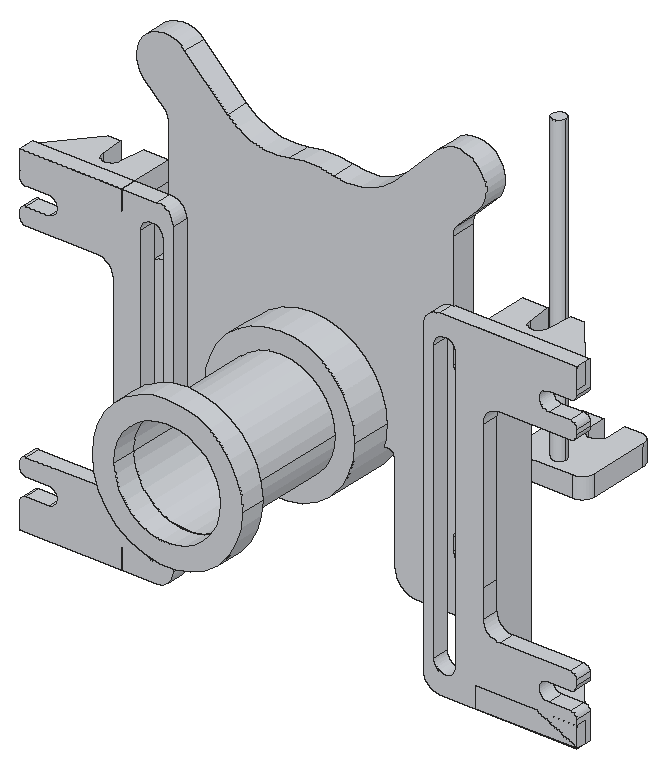
Revit family "Zurn Carrier - Z1201-NL4", category Plumbing Fixtures, host Face, Revit 2017
Family settings
  Host = Face
  Round Connector Dimension = Use Diameter
  Part Type = Normal
  Cut with Voids When Loaded = No
  Shared = No
  Room Calculation Point = No
Parameters
  Default Elevation = 4' - 0"
  A [instance] = 0' - 4"
Reference planes (in)
  plane 1 "Center (Front/Back)": y = 0
  plane 2: z = 0
  plane 3 "Center (Left/Right)": x = 0
  plane 4: through (9.05767, -180, 4.20355) normal (-0.0156, 0, -0.9999)
  plane 5: through (9.08801, -180, 0.20259) normal (-0.0156, 0, -0.9999)
Dimensions and locks (in)
  "A": plane 5 to plane 4
  "A": import instance to plane 5
  aligned and locked: plane 2 to host face
  aligned and locked: level to host face
Automatic sketch dimensions
  host sketch curve to host sketch curve = 8' - 0"  (x2)
Nested families (in)
  nested 1: "Inlet" at (0, 0, 0), type "Inlet"
  nested 2: "Legs" at (0, 0, 0), type "Legs"
Connectors (in)
  piping at (9.15921, 5.75, 4.20196), diameter 4
    settings: on import instance, index 1, connector inside diameter 24", connector length 0' - 0", flow factor 0, pipe flow 0 GPM, pressure drop 0.00 psi, fitting loss kfactor 0, connector angle 0.00°, fixture units 0, engagement length 0' - 0", angle of deflection 0.00°, flow configuration 0, flow direction 2, fitting loss method 0, system type 16, joint type 0, gender type 0, connector reference index -1, connector utility 0, adjustable connector no, is connector primary yes, connector description ""
  piping at (2.4462, 5.75, 8.30685), diameter 2
    settings: on import instance, index 2, connector inside diameter 24", connector length 0' - 0", flow factor 0, pipe flow 0 GPM, pressure drop 0.00 psi, fitting loss kfactor 0, connector angle 0.00°, fixture units 0, engagement length 0' - 0", angle of deflection 0.00°, flow configuration 0, flow direction 2, fitting loss method 0, system type 17, joint type 0, gender type 0, connector reference index -1, connector utility 0, adjustable connector no, is connector primary no, connector description ""
  piping at (-3.0253, 5.75, 4.39234), diameter 4
    settings: on import instance, index 3, connector inside diameter 24", connector length 0' - 0", flow factor 0, pipe flow 0 GPM, pressure drop 0.00 psi, fitting loss kfactor 0, connector angle 0.00°, fixture units 0, engagement length 0' - 0", angle of deflection 0.00°, flow configuration 0, flow direction 1, fitting loss method 0, system type 16, joint type 0, gender type 0, connector reference index -1, connector utility 0, adjustable connector no, is connector primary no, connector description ""
Definition of nested family "Inlet"
  Parameters (values of type "Inlet")
    Default Elevation = 4' - 0"
  Reference planes (in)
    plane 1 "Center (Front/Back)": y = 0
    plane 2: z = 0
    plane 3 "Center (Left/Right)": x = 0
  Forms (in)
    Extrusion 1, solid
      sketch origin (0, 0, 0) x (1, 0, 0) y (0, 1, 0)
        loop
          line (-48, 48) -> (-48, -48) -> (48, -48) -> (48, 48) -> (-48, 48)
      from 0 to -12
    Extrusion 2, solid
      sketch origin (0, 0, 0) x (1, 0, 0) y (0, 0, 1)
        loop
          line (-2.58153, 13.31897) -> (-3.88128, 14.61872)
          arc (-3.88128, 14.61872) -> (-5.11872, 14.61872) -> (-5.11872, 13.38128) r 0.875
          line (-5.11872, 13.38128) -> (-4.52145, 12.78401)
          arc (-4.52145, 12.78401) -> (-4.41306, 12.6218) -> (-4.375, 12.43046) r 0.5
          line (-4.375, 12.43046) -> (-4.375, 8.86603)
          arc (-4.375, 8.86603) -> (-4.43604, 8.70271) -> (-4.58924, 8.61947) r 0.24899
          arc (-4.58924, 8.61947) -> (-4.98827, 8.39216) -> (-5.12286, 7.95309) r 0.62251
          arc (-5.12286, 7.95309) -> (-5.15122, 7.81669) -> (-5.24877, 7.71723) r 0.24745
          arc (-5.24877, 7.71723) -> (-5.34115, 7.62562) -> (-5.375, 7.5) r 0.25003
          line (-5.375, 7.5) -> (-5.375, 5.5)
          arc (-5.375, 5.5) -> (-5.34115, 5.37438) -> (-5.24877, 5.28277) r 0.25003
          arc (-5.24877, 5.28277) -> (-5.15122, 5.18331) -> (-5.12286, 5.04691) r 0.24745
          arc (-5.12286, 5.04691) -> (-4.98827, 4.60784) -> (-4.58924, 4.38053) r 0.62251
          arc (-4.58924, 4.38053) -> (-4.43604, 4.29729) -> (-4.375, 4.13397) r 0.24899
          line (-4.375, 4.13397) -> (-4.375, 3.73744)
          arc (-4.375, 3.73744) -> (-4.39403, 3.64177) -> (-4.44822, 3.56066) r 0.25
          line (-4.44822, 3.56066) -> (-4.94194, 3.06694)
          arc (-4.94194, 3.06694) -> (-5.07742, 2.38582) -> (-4.5, 2) r 0.625
          line (-4.5, 2) -> (-3.25, 2)
          arc (-3.25, 2) -> (-2.76386, 2.20136) -> (-2.5625, 2.6875) r 0.6875
          line (-2.5625, 2.6875) -> (-2.5625, 5.63621)
          arc (-2.5625, 5.63621) -> (-2.37789, 5.87679) -> (-2.09772, 5.76074) r 0.24907
          arc (-2.09772, 5.76074) -> (0, 4.27489) -> (2.09772, 5.76074) r 2.2237
          arc (2.09772, 5.76074) -> (2.37789, 5.87679) -> (2.5625, 5.63621) r 0.24907
          line (2.5625, 5.63621) -> (2.5625, 2.6875)
          arc (2.5625, 2.6875) -> (2.76386, 2.20136) -> (3.25, 2) r 0.6875
          line (3.25, 2) -> (4.5, 2)
          arc (4.5, 2) -> (5.07742, 2.38582) -> (4.94194, 3.06694) r 0.625
          line (4.94194, 3.06694) -> (4.44822, 3.56066)
          arc (4.44822, 3.56066) -> (4.39403, 3.64177) -> (4.375, 3.73744) r 0.25
          line (4.375, 3.73744) -> (4.375, 4.13397)
          arc (4.375, 4.13397) -> (4.43604, 4.29729) -> (4.58924, 4.38053) r 0.24899
          arc (4.58924, 4.38053) -> (4.98827, 4.60784) -> (5.12286, 5.04691) r 0.62251
          arc (5.12286, 5.04691) -> (5.15122, 5.18331) -> (5.24877, 5.28277) r 0.24745
          arc (5.24877, 5.28277) -> (5.34115, 5.37438) -> (5.375, 5.5) r 0.25003
          line (5.375, 5.5) -> (5.375, 7.5)
          arc (5.375, 7.5) -> (5.34115, 7.62562) -> (5.24877, 7.71723) r 0.25003
          arc (5.24877, 7.71723) -> (5.15122, 7.81669) -> (5.12286, 7.95309) r 0.24745
          arc (5.12286, 7.95309) -> (4.98827, 8.39216) -> (4.58924, 8.61947) r 0.62251
          arc (4.58924, 8.61947) -> (4.43604, 8.70271) -> (4.375, 8.86603) r 0.24899
          line (4.375, 8.86603) -> (4.375, 12.43046)
          arc (4.375, 12.43046) -> (4.41306, 12.6218) -> (4.52145, 12.78401) r 0.5
          line (4.52145, 12.78401) -> (5.11872, 13.38128)
          arc (5.11872, 13.38128) -> (5.11872, 14.61872) -> (3.88128, 14.61872) r 0.875
          line (3.88128, 14.61872) -> (2.58153, 13.31897)
          arc (2.58153, 13.31897) -> (1.70465, 12.80693) -> (0.68932, 12.79193) r 1.99841
          arc (0.68932, 12.79193) -> (0, 12.87579) -> (-0.68932, 12.79193) r 2.87515
          arc (-0.68932, 12.79193) -> (-1.70465, 12.80693) -> (-2.58153, 13.31897) r 1.99841
      from 0.17185 to 0.8906
    Extrusion 3, solid
      sketch origin (0, 0, 0) x (1, 0, 0) y (0, 0, 1)
        loop
          circle (0, 6.5) r 2.31198
      from 5.66374 to 6.42185
    Extrusion 4, solid
      sketch origin (0, 0, 0) x (1, 0, 0) y (0, 0, 1)
        loop
          circle (0, 6.5) r 2.31198
      from 0.17185 to 2.1093
    Extrusion 5, solid
      sketch origin (0, 0, 0) x (1, 0, 0) y (0, 0, 1)
        loop
          circle (0, 6.49859) r 1.68737
      from 2.1093 to 5.66374
    Extrusion 6, void
      sketch origin (0, 0, 0) x (1, 0, 0) y (0, 0, 1)
        loop
          circle (0, 6.49859) r 1.64022
      from 0.17185 to 6.42185
    Extrusion 7, void
      sketch origin (0, 9.7656, 0) x (1, 0, 0) y (0, 0, -1)
        loop
          circle (0, -6.49859) r 1.64022
      from -16.18745 to -9.93745
  Cuts and joins
    Extrusion 6 cuts Extrusion 2
    Extrusion 6 cuts Extrusion 3
    Extrusion 6 cuts Extrusion 4
    Extrusion 6 cuts Extrusion 5
  Dimensions and locks (in)
    aligned and locked: plane 2 to Extrusion 1
    aligned and locked: level to Extrusion 1
Definition of nested family "Legs"
  Parameters (values of type "Legs")
    Default Elevation = 4' - 0"
  Reference planes (in)
    plane 1 "Center (Front/Back)": y = 0
    plane 2: z = 0
    plane 3 "Center (Left/Right)": x = 0
  Forms (in)
    Extrusion 1, solid
      sketch origin (0, 0, 0) x (1, 0, 0) y (0, 1, 0)
        loop
          line (-48, 48) -> (-48, -48) -> (48, -48) -> (48, 48) -> (-48, 48)
      from 0 to -12
    Extrusion 2, solid
      sketch origin (0, 9.7656, 0) x (1, 0, 0) y (0, 1, 0)
        loop
          line (-8.5625, -10.8437) -> (-8.5625, -11.1562) -> (-5.4375, -11.1562) -> (-5.4375, -10.6562) -> (-5.4375, -9.3437) -> (-6.20315, -9.3437) -> (-6.28271, -10.12229)
          arc (-6.28271, -10.12229) -> (-6.5625, -10.40208) -> (-6.84229, -10.12229) r 0.27979
          line (-6.84229, -10.12229) -> (-6.92185, -9.3437) -> (-7.3125, -9.3437) -> (-8.5625, -10.8437)
      from 0 to 0.625
    Extrusion 3, solid
      sketch origin (0, -1.1406, 0) x (-1, 0, 0) y (0, 0, -1)
        loop
          arc (4.15625, -9.5625) -> (4.5, -9.90625) -> (4.84375, -9.5625) r 0.34375
          line (4.84375, -9.5625) -> (4.84375, -0.9375)
          arc (4.84375, -0.9375) -> (4.5, -0.59375) -> (4.15625, -0.9375) r 0.34375
          line (4.15625, -0.9375) -> (4.15625, -9.5625)
        loop
          arc (3.84375, -10) -> (3.9902, -10.35355) -> (4.34375, -10.5) r 0.5
          line (4.34375, -10.5) -> (8.5625, -10.5) -> (8.5625, -9.71875)
          arc (8.5625, -9.71875) -> (8.50758, -9.58617) -> (8.375, -9.53125) r 0.1875
          line (8.375, -9.53125) -> (7.6875, -9.53125)
          arc (7.6875, -9.53125) -> (7.40625, -9.25) -> (7.6875, -8.96875) r 0.28125
          line (7.6875, -8.96875) -> (8.375, -8.96875)
          arc (8.375, -8.96875) -> (8.50758, -8.91383) -> (8.5625, -8.78125) r 0.1875
          line (8.5625, -8.78125) -> (8.5625, -8.625)
          arc (8.5625, -8.625) -> (8.50758, -8.49242) -> (8.375, -8.4375) r 0.1875
          line (8.375, -8.4375) -> (6.1875, -8.4375)
          arc (6.1875, -8.4375) -> (5.83395, -8.29105) -> (5.6875, -7.9375) r 0.5
          line (5.6875, -7.9375) -> (5.6875, -3.41783) -> (5.6875, -2.5625)
          arc (5.6875, -2.5625) -> (5.83395, -2.20895) -> (6.1875, -2.0625) r 0.5
          line (6.1875, -2.0625) -> (8.375, -2.0625)
          arc (8.375, -2.0625) -> (8.50758, -2.00758) -> (8.5625, -1.875) r 0.1875
          line (8.5625, -1.875) -> (8.5625, -1.71875)
          arc (8.5625, -1.71875) -> (8.50758, -1.58617) -> (8.375, -1.53125) r 0.1875
          line (8.375, -1.53125) -> (7.6875, -1.53125)
          arc (7.6875, -1.53125) -> (7.40625, -1.25) -> (7.6875, -0.96875) r 0.28125
          line (7.6875, -0.96875) -> (8.375, -0.96875)
          arc (8.375, -0.96875) -> (8.50758, -0.91383) -> (8.5625, -0.78125) r 0.1875
          line (8.5625, -0.78125) -> (8.5625, 0) -> (4.34375, 0)
          arc (4.34375, 0) -> (3.9902, -0.14645) -> (3.84375, -0.5) r 0.5
          line (3.84375, -0.5) -> (3.84375, -10)
      from -0.25 to 0.25
    Extrusion 4, solid
      sketch origin (0, 9.7656, 9.875) x (0, -1, 0) y (1, 0, 0)
        loop
          line (10.8437, -8.5625) -> (11.1562, -8.5625) -> (11.1562, -5.4375) -> (10.6562, -5.4375) -> (9.3437, -5.4375) -> (9.3437, -6.20315) -> (10.12229, -6.28271)
          arc (10.12229, -6.28271) -> (10.40208, -6.5625) -> (10.12229, -6.84229) r 0.27979
          line (10.12229, -6.84229) -> (9.3437, -6.92185) -> (9.3437, -7.3125) -> (10.8437, -8.5625)
      from 0 to 0.625
    Extrusion 5, solid
      sketch origin (0, 9.7656, 0) x (1, 0, 0) y (0, 0, -1)
        loop
          line (-5.4375, -9.875) -> (-5.4375, -0.625) -> (-5.6875, -0.625) -> (-5.6875, -9.875) -> (-5.4375, -9.875)
      from -10.6562 to -9.3437
    Extrusion 6, solid
      sketch origin (0, 9.7656, 0) x (-1, 0, 0) y (0, -1, 0)
        loop
          line (-8.5625, 10.8437) -> (-7.3125, 9.3437) -> (-6.92185, 9.3437) -> (-6.84229, 10.12229)
          arc (-6.84229, 10.12229) -> (-6.5625, 10.40208) -> (-6.28271, 10.12229) r 0.27979
          line (-6.28271, 10.12229) -> (-6.20315, 9.3437) -> (-5.4375, 9.3437) -> (-5.4375, 10.6562) -> (-5.4375, 11.1562) -> (-8.5625, 11.1562) -> (-8.5625, 10.8437)
      from 0 to 0.625
    Extrusion 7, solid
      sketch origin (0, -1.1406, 0) x (1, 0, 0) y (0, 0, 1)
        loop
          line (4.15625, 9.5625) -> (4.15625, 0.9375)
          arc (4.15625, 0.9375) -> (4.5, 0.59375) -> (4.84375, 0.9375) r 0.34375
          line (4.84375, 0.9375) -> (4.84375, 9.5625)
          arc (4.84375, 9.5625) -> (4.5, 9.90625) -> (4.15625, 9.5625) r 0.34375
        loop
          line (3.84375, 10) -> (3.84375, 0.5)
          arc (3.84375, 0.5) -> (3.9902, 0.14645) -> (4.34375, 0) r 0.5
          line (4.34375, 0) -> (8.5625, 0) -> (8.5625, 0.78125)
          arc (8.5625, 0.78125) -> (8.50758, 0.91383) -> (8.375, 0.96875) r 0.1875
          line (8.375, 0.96875) -> (7.6875, 0.96875)
          arc (7.6875, 0.96875) -> (7.40625, 1.25) -> (7.6875, 1.53125) r 0.28125
          line (7.6875, 1.53125) -> (8.375, 1.53125)
          arc (8.375, 1.53125) -> (8.50758, 1.58617) -> (8.5625, 1.71875) r 0.1875
          line (8.5625, 1.71875) -> (8.5625, 1.875)
          arc (8.5625, 1.875) -> (8.50758, 2.00758) -> (8.375, 2.0625) r 0.1875
          line (8.375, 2.0625) -> (6.1875, 2.0625)
          arc (6.1875, 2.0625) -> (5.83395, 2.20895) -> (5.6875, 2.5625) r 0.5
          line (5.6875, 2.5625) -> (5.6875, 3.41783) -> (5.6875, 7.9375)
          arc (5.6875, 7.9375) -> (5.83395, 8.29105) -> (6.1875, 8.4375) r 0.5
          line (6.1875, 8.4375) -> (8.375, 8.4375)
          arc (8.375, 8.4375) -> (8.50758, 8.49242) -> (8.5625, 8.625) r 0.1875
          line (8.5625, 8.625) -> (8.5625, 8.78125)
          arc (8.5625, 8.78125) -> (8.50758, 8.91383) -> (8.375, 8.96875) r 0.1875
          line (8.375, 8.96875) -> (7.6875, 8.96875)
          arc (7.6875, 8.96875) -> (7.40625, 9.25) -> (7.6875, 9.53125) r 0.28125
          line (7.6875, 9.53125) -> (8.375, 9.53125)
          arc (8.375, 9.53125) -> (8.50758, 9.58617) -> (8.5625, 9.71875) r 0.1875
          line (8.5625, 9.71875) -> (8.5625, 10.5) -> (4.34375, 10.5)
          arc (4.34375, 10.5) -> (3.9902, 10.35355) -> (3.84375, 10) r 0.5
      from -0.25 to 0.25
    Extrusion 8, solid
      sketch origin (0, 9.7656, 9.875) x (0, 1, 0) y (-1, 0, 0)
        loop
          line (-10.8437, -8.5625) -> (-9.3437, -7.3125) -> (-9.3437, -6.92185) -> (-10.12229, -6.84229)
          arc (-10.12229, -6.84229) -> (-10.40208, -6.5625) -> (-10.12229, -6.28271) r 0.27979
          line (-10.12229, -6.28271) -> (-9.3437, -6.20315) -> (-9.3437, -5.4375) -> (-10.6562, -5.4375) -> (-11.1562, -5.4375) -> (-11.1562, -8.5625) -> (-10.8437, -8.5625)
      from 0 to 0.625
    Extrusion 9, solid
      sketch origin (0, 9.7656, 0) x (-1, 0, 0) y (0, 0, 1)
        loop
          line (-5.4375, 9.875) -> (-5.6875, 9.875) -> (-5.6875, 0.625) -> (-5.4375, 0.625) -> (-5.4375, 9.875)
      from -10.6562 to -9.3437
    Extrusion 10, solid
      sketch origin (0, 1.375, 0) x (1, 0, 0) y (0, 1, 0)
        loop
          arc (-1.18637, 7.1259) -> (-1.0766, 6.8609) -> (-0.8116, 6.75113) r 0.37477
          line (-0.8116, 6.75113) -> (0.8116, 6.75113)
          arc (0.8116, 6.75113) -> (1.0766, 6.8609) -> (1.18637, 7.1259) r 0.37477
          line (1.18637, 7.1259) -> (1.18637, 8.9991)
          arc (1.18637, 8.9991) -> (1.0766, 9.2641) -> (0.8116, 9.37387) r 0.37477
          line (0.8116, 9.37387) -> (0.31392, 9.37387) -> (0.31392, 8.75)
          arc (0.31392, 8.75) -> (0, 8.43608) -> (-0.31392, 8.75) r 0.31392
          line (-0.31392, 8.75) -> (-0.31392, 9.37387) -> (-0.8116, 9.37387)
          arc (-0.8116, 9.37387) -> (-1.0766, 9.2641) -> (-1.18637, 8.9991) r 0.37477
          line (-1.18637, 8.9991) -> (-1.18637, 7.1259)
      from 0 to 0.625
    Extrusion 11, solid
      sketch origin (0, 1.375, 0) x (1, 0, 0) y (0, 1, 0)
        loop
          circle (0, 7.24219) r 0.20957
      from 0 to 10
  Dimensions and locks (in)
    aligned and locked: plane 2 to Extrusion 1
    aligned and locked: level to Extrusion 1
